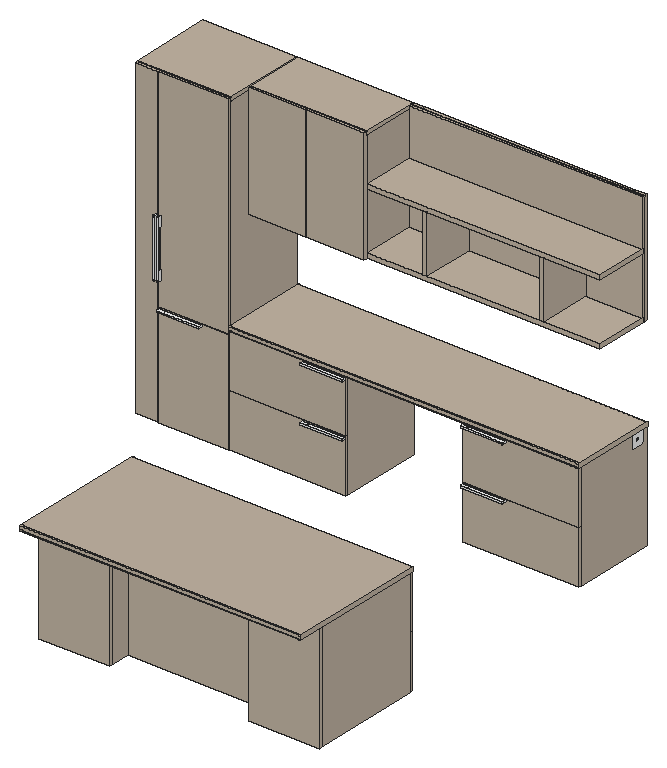
Revit family "FLT017", category Furniture, Revit 2019
Family settings
  OmniClass Number = 23.40.20.00
  OmniClass Title = General Furniture and Specialties
  Work Plane-Based = No
  Always vertical = Yes
  Cut with Voids When Loaded = No
  Shared = Yes
  Room Calculation Point = No
Parameters
  Series = "Flux Laminate"
  Manufacturer = "JSI"
  Description = "FLT017"
Reference planes (in)
  plane 1 "Center Front/Back": y = 0
  plane 2: z = 0
  plane 3 "Center Left/Right": x = 0
Dimensions and locks (in)
  aligned and locked: level to plane 2
Nested families (in)
  nested 1: "JSI-Flux- FF_Knspc_Crdnz" at (0.06413, 21.25, 0), type "FLT2290-29F4K4, Lt File Knspc Crdnz, Laminate"
    with Width 7' - 6"
  nested 2: "JSI-Flux-Dbl_Ht_Wall_Mount_OH_Shelf" at (29.93913, 21.25, 23.21755), type "FLT1560-29WMS, Dbl Ht Wall Mount OH Shelf, Laminate"
    with Width 5' - 0", Part Dist 1' - 2 7/16"
  nested 3: "JSI-Flux-Wall_Mount_Dbl_Ht_OH" at (0.06413, 21.25, 23.21796), type "FLT1630-29WSO, Wall Mount Dbl Ht OH, 2 Dr, Laminate"
    with Wiring Hole Dist 0' - 9", Width 2' - 5 7/8", Shelf Width_L 2' - 4 3/8", Shelf Width_R 2' - 4 3/8", Shelf Dist_R 0' - 0 3/4", Shelf Dist_C 0' - 0 3/4", R no, Partition-R no, Partition-L no, Partition Distance_R 0' - 0", Partition Distance_L 0' - 0", Door Width 1' - 2 7/8", Door Array Distance 1' - 3", Shelf Width_Central 2' - 4 3/8", # of Doors 2
  nested 4: "JSI-Flux-Wb_Pm_Ht" at (-24.03033, 21.18677, 0), type "FLT2224-81F7DWL, Strg Cab Dr, Wb, L, Laminate"
    with V_Pull_L_R yes, Top_Pull_Dist 0' - 6 5/16", Top_2_Pull_Dist 2' - 2 1/16", R_Vertical_Pull_Dist 0' - 6 5/16", L_Vertical_Pull_Dist 0' - 5 3/4", Hngr_R yes, Hngr_L no, Hanger_Dist 0' - 6 25/32", H_Void_Width 1' - 6", H_Void_Upper_Dist 0' - 2", H_Void_H_Dist 0' - 6 3/32", H_Void_C_Dist 0' - 2", H_Void_Bottom_Dist 0' - 2", H_Dist_V_Void 0' - 5 31/32", H_Dist_C_Panel 0' - 6", Top_Shelf_Width 1' - 4 1/2", Width 2' - 0 1/16", Partition Dist 0' - 6 1/32", L yes, H_Dist_Top_Shelf 0' - 6 25/32", H_Dist_Bottom_Shelf 0' - 0", F2 no, F1 no, F0 no, C_Shelf_Width 1' - 4 1/2", C_Pull_Dist 0' - 6 5/16", C_Pull no, Bottom_Pull_Dist 0' - 6 5/16", Bottom Pull no
  nested 5: "JSI-Flux-Dbl_Ped_Dsk-Brk_Frnt-Mod-Ovhg_Top" at (18.28955, -69.06149, 0) x (-1, 0, 0) z (0, 0, 1), type "FLT3672ED,Dbl Ped Desk Brk Mod,72" Laminate"
    with Width 6' - 0", Ped Width 1' - 6", Depth 3' - 0"
Definition of nested family "JSI-Flux- FF_Knspc_Crdnz"
  Parameters (values of type "Type Catalog - Lt File Knspc Crdnz")
    Worksurface = none
    Width = 8' - 0"
    URL = "www.jsifurniture.com"
    Type Comments = ""
    TAG = "FF"
    Split Worksurface = no
    Split Dist = if(Split Worksurface, 0' 0", 0' 4")  # 0' - 4"
    Pull Width = if(Width > 7' 0", 0' 10 27/32", 0' 8 27/32")  # 0' - 10 27/32"
    Partition Dist = if(Width > 7' 0", 2' 4 1/2", 1' 4 1/2")  # 2' - 4 1/2"
    Series = "FLUX"  # constant formula
    Pull Finish = none
    Model = ""
    Manufacturer = "JSI"  # constant formula
    Keynote = "12500"
    JSI Enviromental Website = "http://www.jsifurniture.com/jsi_sustainability_intro.php"
    Height = 2' - 5"
    Grommet Dist = if(Width > 7' 0", Partition Dist / 2, Partition Dist + 0' 4")  # 1' - 2 1/4"
    Glides = none
    Door Height = (Height - 0' 1 3/16" - 0' 0 5/16" - 0' 0 3/8") / 2  # 1' - 1 9/16"
    Back = none
    Door Front = none
    Description = ""
    Depth = 1' - 10"
    Chassis = none
    Assembly Code = "E2020200"
  Reference planes (in)
    plane 1: z = 0
    plane 2 "Center (Left/Right)": x = -36.06413
    plane 3 "Center (Front/Back)": y = 10.75
    plane 4: x = 59.93587
    plane 5: x = -36.00163
    plane 6: y = 10.6875
    plane 7: x = 59.87337
    plane 8: x = 11.93587
    plane 9: y = 10.625
    plane 10: y = -11.25
    plane 11: y = -11.125
    plane 12: y = -10.375
    plane 13: y = 9.875
    plane 14: y = 8.6875
    plane 15: y = 6.5
    plane 16: y = 6
    plane 17: y = 5.875
    plane 18: y = -6.375
    plane 19: y = -8.125
    plane 20: z = 0.3125
    plane 21: z = 1.5
    plane 22: z = 2.25
    plane 23: z = 29
    plane 24: z = 27.8125
    plane 25: z = 27.0625
    plane 26: z = 24.5625
    plane 27: z = 14.65625
    plane 28: z = 15.03125
    plane 29: z = 14.28125
    plane 30: x = -6.75163
    plane 31: x = 30.62337
    plane 32: x = -6.00163
    plane 33: x = 29.87337
    plane 34: x = -35.25163
    plane 35: x = 59.12337
    plane 36: y = 8.4375
    plane 37: z = 17.15625
    plane 38: y = 9.375
    plane 39: y = 6.875
    plane 40: z = 27.6875
    plane 41: z = 0.4375
    plane 42: x = -35.93913
    plane 43: x = 59.81087
    plane 44: x = -6.06413
    plane 45: x = -5.93913
    plane 46: x = 29.81087
    plane 47: x = 29.93587
    plane 48: z = 27.6875
    plane 49: z = 27.48438
    plane 50: z = 27.48437
    plane 51: y = -9.375
    plane 52: x = -34.25163
    plane 53: x = 58.12337
    plane 54: x = -21.00163
    plane 55: x = 11.93587
    plane 56: x = 44.87337
    plane 57: z = 22.8125
    plane 58: y = 9.1875
    plane 59: y = 8.5
    plane 60: y = 7
    plane 61: z = 23
    plane 62: z = 25
    plane 63: x = -7.75163
    plane 64: x = 31.62337
    plane 65: x = -24.00163
    plane 66: x = -18.00163
    plane 67: x = 41.87337
    plane 68: x = 47.87337
    plane 69: z = 26.21875
    plane 70: y = 7.59375
    plane 71: y = 7.84375
    plane 72: y = 7.34375
    plane 73: z = 14
    plane 74: z = 14.125
    plane 75: x = -6.22038
    plane 76: x = 30.09212
    plane 77: z = 13.79688
    plane 78: x = -21.00163
    plane 79: x = 44.87337
  Forms (in)
    Extrusion 1, solid
      sketch origin (0, 0, 0) x (0, 1, 0) y (0, 0, 1)
        loop
          line (6, 27.0625) -> (6, 27.8125) -> (-10.375, 27.8125) -> (-10.375, 27.0625) -> (6, 27.0625)
      from -35.25163 to -6.75163
    Extrusion 2, solid, material <- "Chassis"
      sketch origin (0, 0, 0) x (0, 1, 0) y (0, 0, 1)
        loop
          line (9.875, 2.25) -> (-10.375, 2.25) -> (-10.375, 1.5) -> (9.875, 1.5) -> (9.875, 2.25)
      from -35.25163 to -6.75163
    Extrusion 3, solid, material <- "Chassis"
      sketch origin (0, 0, 0) x (0, 1, 0) y (0, 0, 1)
        loop
          line (10.6875, 27.8125) -> (9.1875, 27.8125) -> (9.1875, 25.0625)
          arc (9.1875, 25.0625) -> (9.04105, 24.70895) -> (8.6875, 24.5625) r 0.5
          line (8.6875, 24.5625) -> (6.5, 24.5625)
          arc (6.5, 24.5625) -> (6.14645, 24.70895) -> (6, 25.0625) r 0.5
          line (6, 25.0625) -> (6, 27.8125) -> (-10.375, 27.8125) -> (-10.375, 0.3125) -> (10.6875, 0.3125) -> (10.6875, 27.8125)
      from -6.75163 to -6.00163
    Extrusion 4, solid, material <- "Chassis"
      sketch origin (0, 0, 0) x (0, 1, 0) y (0, 0, 1)
        loop
          line (10.6875, 27.8125) -> (9.1875, 27.8125) -> (9.1875, 25.0625)
          arc (9.1875, 25.0625) -> (9.04105, 24.70895) -> (8.6875, 24.5625) r 0.5
          line (8.6875, 24.5625) -> (6.5, 24.5625)
          arc (6.5, 24.5625) -> (6.14645, 24.70895) -> (6, 25.0625) r 0.5
          line (6, 25.0625) -> (6, 27.8125) -> (-10.375, 27.8125) -> (-10.375, 0.3125) -> (10.6875, 0.3125) -> (10.6875, 27.8125)
      from 29.87337 to 30.62337
    Extrusion 5, solid, material <- "Back"
      sketch origin (0, 0, 0) x (0, 1, 0) y (0, 0, 1)
        loop
          line (8.6875, 27.8125) -> (8.6875, 22.8125) -> (9.875, 22.8125) -> (9.875, 27.8125) -> (8.6875, 27.8125)
      from -35.25163 to 59.12337
    Extrusion 6, solid, material <- "Chassis"
      sketch origin (0, 0, 0) x (0, 1, 0) y (0, 0, 1)
        loop
          line (9.875, 1.5) -> (5.875, 1.5) -> (5.875, 0.3125) -> (9.875, 0.3125) -> (9.875, 1.5)
      from -35.25163 to -6.75163
    Extrusion 7, solid, material <- "Chassis"
      sketch origin (0, 0, 0) x (0, 1, 0) y (0, 0, 1)
        loop
          line (-6.375, 1.5) -> (-10.375, 1.5) -> (-10.375, 0.3125) -> (-6.375, 0.3125) -> (-6.375, 1.5)
      from -35.25163 to -6.75163
    Extrusion 8, solid, material <- "Worksurface"
      sketch origin (0, 0, 0) x (0, 1, 0) y (0, 0, 1)
        loop
          arc (10.75, 28.875) -> (10.71339, 28.96339) -> (10.625, 29) r 0.125
          line (10.625, 29) -> (-11.125, 29)
          arc (-11.125, 29) -> (-11.21339, 28.96339) -> (-11.25, 28.875) r 0.125
          line (-11.25, 28.875) -> (-11.25, 27.9375)
          arc (-11.25, 27.9375) -> (-11.21339, 27.84911) -> (-11.125, 27.8125) r 0.125
          line (-11.125, 27.8125) -> (10.625, 27.8125)
          arc (10.625, 27.8125) -> (10.71339, 27.84911) -> (10.75, 27.9375) r 0.125
          line (10.75, 27.9375) -> (10.75, 28.875)
      from -36.06413 to 59.93587
    Extrusion 9, solid, material <- "Glides"
      sketch origin (0, 0, 0) x (1, 0, 0) y (0, 1, 0)
        loop
          circle (-34.25163, 8.6875) r 0.5
      from 0 to 0.3125
    Extrusion 10, solid, material <- "Glides"
      sketch origin (0, 0, 0) x (1, 0, 0) y (0, 1, 0)
        loop
          circle (-34.25163, -9.375) r 0.5
      from 0 to 0.3125
    Extrusion 11, solid, material <- "Glides"
      sketch origin (0, 0, 0) x (1, 0, 0) y (0, 1, 0)
        loop
          circle (58.12337, 8.6875) r 0.5
      from 0 to 0.3125
    Extrusion 12, solid, material <- "Glides"
      sketch origin (0, 0, 0) x (1, 0, 0) y (0, 1, 0)
        loop
          circle (58.12337, -9.375) r 0.5
      from 0 to 0.3125
    Extrusion 13, solid, material <- "Glides"
      sketch origin (0, 0, 0) x (1, 0, 0) y (0, 1, 0)
        loop
          circle (-7.75163, 8.6875) r 0.5
      from 0 to 0.3125
    Extrusion 14, solid, material <- "Glides"
      sketch origin (0, 0, 0) x (1, 0, 0) y (0, 1, 0)
        loop
          circle (31.62337, 8.6875) r 0.5
      from 0 to 0.3125
    Extrusion 15, solid, material <- "Glides"
      sketch origin (0, 0, 0) x (1, 0, 0) y (0, 1, 0)
        loop
          circle (-7.75163, -9.375) r 0.5
      from 0 to 0.3125
    Extrusion 16, solid, material <- "Glides"
      sketch origin (0, 0, 0) x (1, 0, 0) y (0, 1, 0)
        loop
          circle (31.62337, -9.375) r 0.5
      from 0 to 0.3125
    Extrusion 17, solid, material <- "Back"
      sketch origin (0, 0, 0) x (1, 0, 0) y (0, 0, 1)
        loop
          line (-35.25163, 27.8125) -> (-35.25163, 0.3125) -> (-6.75163, 0.3125) -> (-6.75163, 27.8125) -> (-35.25163, 27.8125)
      from -10.625 to -9.875
    Extrusion 18, solid, material <- "Chassis"
      sketch origin (0, 0, 0) x (0, 1, 0) y (0, 0, 1)
        loop
          line (10.6875, 27.8125) -> (9.1875, 27.8125) -> (9.1875, 25.0625)
          arc (9.1875, 25.0625) -> (9.04105, 24.70895) -> (8.6875, 24.5625) r 0.5
          line (8.6875, 24.5625) -> (6.5, 24.5625)
          arc (6.5, 24.5625) -> (6.14645, 24.70895) -> (6, 25.0625) r 0.5
          line (6, 25.0625) -> (6, 27.8125) -> (-10.375, 27.8125) -> (-10.375, 0.3125) -> (10.6875, 0.3125) -> (10.6875, 27.8125)
      from -36.00163 to -35.25163
    Extrusion 19, solid, material <- "Chassis"
      sketch origin (0, 0, 0) x (0, 1, 0) y (0, 0, 1)
        loop
          line (10.6875, 27.8125) -> (9.1875, 27.8125) -> (9.1875, 25.0625)
          arc (9.1875, 25.0625) -> (9.04105, 24.70895) -> (8.6875, 24.5625) r 0.5
          line (8.6875, 24.5625) -> (6.5, 24.5625)
          arc (6.5, 24.5625) -> (6.14645, 24.70895) -> (6, 25.0625) r 0.5
          line (6, 25.0625) -> (6, 27.8125) -> (-10.375, 27.8125) -> (-10.375, 0.3125) -> (10.6875, 0.3125) -> (10.6875, 27.8125)
      from 59.12337 to 59.87337
    Extrusion 20, void
      sketch origin (0, 0, 0) x (1, 0, 0) y (0, 1, 0)
        loop
          line (59.93587, 8.5) -> (-36.06413, 8.5) -> (-36.06413, 7) -> (59.93587, 7) -> (59.93587, 8.5)
      from 23 to 25
    Extrusion 21, solid, material <- "Back"
      sketch origin (0, 0, 0) x (1, 0, 0) y (0, 0, 1)
        loop
          line (30.62337, 27.8125) -> (30.62337, 0.3125) -> (59.12337, 0.3125) -> (59.12337, 27.8125) -> (30.62337, 27.8125)
      from -10.625 to -9.875
    Extrusion 22, solid, material <- "Chassis"
      sketch origin (0, 0, 0) x (0, 1, 0) y (0, 0, 1)
        loop
          line (9.875, 2.25) -> (-10.375, 2.25) -> (-10.375, 1.5) -> (9.875, 1.5) -> (9.875, 2.25)
      from 30.62337 to 59.12337
    Extrusion 23, solid, material <- "Chassis"
      sketch origin (0, 0, 0) x (0, 1, 0) y (0, 0, 1)
        loop
          line (9.875, 1.5) -> (5.875, 1.5) -> (5.875, 0.3125) -> (9.875, 0.3125) -> (9.875, 1.5)
      from 30.62337 to 59.12337
    Extrusion 24, solid, material <- "Chassis"
      sketch origin (0, 0, 0) x (0, 1, 0) y (0, 0, 1)
        loop
          line (-6.375, 1.5) -> (-10.375, 1.5) -> (-10.375, 0.3125) -> (-6.375, 0.3125) -> (-6.375, 1.5)
      from 30.62337 to 59.12337
    Extrusion 25, void
      sketch origin (0, 0, 0) x (1, 0, 0) y (0, 0, 1)
        loop
          line (-23.00163, 14.65625) -> (-19.00163, 14.65625)
          arc (-19.00163, 14.65625) -> (-18.29453, 14.94914) -> (-18.00163, 15.65625) r 1
          line (-18.00163, 15.65625) -> (-18.00163, 16.15625)
          arc (-18.00163, 16.15625) -> (-18.29453, 16.86336) -> (-19.00163, 17.15625) r 1
          line (-19.00163, 17.15625) -> (-23.00163, 17.15625)
          arc (-23.00163, 17.15625) -> (-23.70874, 16.86336) -> (-24.00163, 16.15625) r 1
          line (-24.00163, 16.15625) -> (-24.00163, 15.65625)
          arc (-24.00163, 15.65625) -> (-23.70874, 14.94914) -> (-23.00163, 14.65625) r 1
      from -10.75 to -9.875
    Extrusion 26, solid, material <- "Pull Finish"
      sketch origin (0, 0, 0) x (0, 1, 0) y (0, 0, 1)
        loop
          arc (7.84375, 26.92586) -> (7.87949, 26.71752) -> (7.98264, 26.53302) r 0.625
          arc (7.98264, 26.53302) -> (7.59375, 25.71875) -> (7.20486, 26.53302) r 0.5
          arc (7.20486, 26.53302) -> (7.30801, 26.71752) -> (7.34375, 26.92586) r 0.625
          line (7.34375, 26.92586) -> (7.34375, 27.8125) -> (6, 27.8125) -> (6, 25.0625)
          arc (6, 25.0625) -> (6.14645, 24.70895) -> (6.5, 24.5625) r 0.5
          line (6.5, 24.5625) -> (8.6875, 24.5625)
          arc (8.6875, 24.5625) -> (9.04105, 24.70895) -> (9.1875, 25.0625) r 0.5
          line (9.1875, 25.0625) -> (9.1875, 27.8125) -> (7.84375, 27.8125) -> (7.84375, 26.92586)
      from 59.81087 to 59.87337
    Extrusion 27, solid, material <- "Door Front"
      sketch origin (0, 0, 0) x (1, 0, 0) y (0, 1, 0)
        loop
          line (-35.93913, -10.375) -> (-35.93913, -11.125) -> (-6.06413, -11.125) -> (-6.06413, -10.375) -> (-35.93913, -10.375)
      from 14.125 to 27.6875
    Extrusion 28, solid, material <- "Door Front"
      sketch origin (0, 0, 0) x (1, 0, 0) y (0, 1, 0)
        loop
          line (-35.93913, -10.375) -> (-35.93913, -11.125) -> (-6.06413, -11.125) -> (-6.06413, -10.375) -> (-35.93913, -10.375)
      from 0.4375 to 14
    Extrusion 29, solid, material <- "Door Front"
      sketch origin (0, 0, 0) x (1, 0, 0) y (0, 1, 0)
        loop
          line (29.93587, -10.375) -> (29.93587, -11.125) -> (59.81087, -11.125) -> (59.81087, -10.375) -> (29.93587, -10.375)
      from 14.125 to 27.6875
    Extrusion 30, solid, material <- "Door Front"
      sketch origin (0, 0, 0) x (1, 0, 0) y (0, 1, 0)
        loop
          line (29.93587, -10.375) -> (29.93587, -11.125) -> (59.81087, -11.125) -> (59.81087, -10.375) -> (29.93587, -10.375)
      from 0.4375 to 14
    Extrusion 31, void
      sketch origin (0, 0, 0) x (1, 0, 0) y (0, 0, 1)
        loop
          arc (42.87337, 17.15625) -> (42.16626, 16.86336) -> (41.87337, 16.15625) r 1
          line (41.87337, 16.15625) -> (41.87337, 15.65625)
          arc (41.87337, 15.65625) -> (42.16626, 14.94914) -> (42.87337, 14.65625) r 1
          line (42.87337, 14.65625) -> (46.87337, 14.65625)
          arc (46.87337, 14.65625) -> (47.58047, 14.94914) -> (47.87337, 15.65625) r 1
          line (47.87337, 15.65625) -> (47.87337, 16.15625)
          arc (47.87337, 16.15625) -> (47.58047, 16.86336) -> (46.87337, 17.15625) r 1
          line (46.87337, 17.15625) -> (42.87337, 17.15625)
      from -10.75 to -9.875
    Extrusion 32, solid, material <- "Pull Finish"
      sketch origin (0, 0, 0) x (0, 1, 0) y (0, 0, 1)
        loop
          arc (7.84375, 26.92586) -> (7.87949, 26.71752) -> (7.98264, 26.53302) r 0.625
          arc (7.98264, 26.53302) -> (7.59375, 25.71875) -> (7.20486, 26.53302) r 0.5
          arc (7.20486, 26.53302) -> (7.30801, 26.71752) -> (7.34375, 26.92586) r 0.625
          line (7.34375, 26.92586) -> (7.34375, 27.8125) -> (6, 27.8125) -> (6, 25.0625)
          arc (6, 25.0625) -> (6.14645, 24.70895) -> (6.5, 24.5625) r 0.5
          line (6.5, 24.5625) -> (8.6875, 24.5625)
          arc (8.6875, 24.5625) -> (9.04105, 24.70895) -> (9.1875, 25.0625) r 0.5
          line (9.1875, 25.0625) -> (9.1875, 27.8125) -> (7.84375, 27.8125) -> (7.84375, 26.92586)
      from -36.00163 to -35.93913
    Extrusion 33, solid, material <- "Worksurface", detail levels medium+fine
      sketch origin (0, 0, 0) x (0, 1, 0) y (0, 0, 1)
        loop
          line (6, 27.0625) -> (6, 27.8125) -> (-10.375, 27.8125) -> (-10.375, 27.0625) -> (6, 27.0625)
      from 30.62337 to 59.12337
  Cuts and joins
    Extrusion 20 cuts Extrusion 8
    Extrusion 25 cuts Extrusion 17
    Extrusion 31 cuts Extrusion 21
  Lines and regions (in)
    symbolic lines
      curve 1: line (59.93587, 10.75, 0) -> (-36.06413, 10.75, 0)
      curve 2: line (59.93587, -11.25, 0) -> (-36.06413, -11.25, 0)
      curve 3: line (59.93587, 10.75, 0) -> (59.93587, -11.25, 0)
      curve 4: line (-36.06413, 10.75, 0) -> (-36.06413, -11.25, 0)
    symbolic lines, visible <- "Split Worksurface"
      curve 5: line (59.93587, 8.5, 0) -> (-36.06413, 8.5, 0)
      curve 6: line (59.93587, 7, 0) -> (-36.06413, 7, 0)
    symbolic lines, detail levels medium+fine
      curve 7: line (-36.00163, 10.6875, 0) -> (-36.00163, -10.375, 0)
      curve 8: line (-35.25163, 10.6875, 0) -> (-35.25163, -10.375, 0)
      curve 9: line (-35.25163, 10.6875, 0) -> (-36.00163, 10.6875, 0)
      curve 10: line (-35.25163, -10.375, 0) -> (-36.00163, -10.375, 0)
      curve 11: line (-6.75163, 10.6875, 0) -> (-6.75163, -10.375, 0)
      curve 12: line (-6.00163, 10.6875, 0) -> (-6.00163, -10.375, 0)
      curve 13: line (-6.00163, 10.6875, 0) -> (-6.75163, 10.6875, 0)
      curve 14: line (-6.00163, -10.375, 0) -> (-6.75163, -10.375, 0)
      curve 15: line (29.87337, 10.6875, 0) -> (29.87337, -10.375, 0)
      curve 16: line (30.62337, 10.6875, 0) -> (30.62337, -10.375, 0)
      curve 17: line (30.62337, 10.6875, 0) -> (29.87337, 10.6875, 0)
      curve 18: line (30.62337, -10.375, 0) -> (29.87337, -10.375, 0)
      curve 19: line (59.12337, 10.6875, 0) -> (59.12337, -10.375, 0)
      curve 20: line (59.87337, 10.6875, 0) -> (59.87337, -10.375, 0)
      curve 21: line (59.87337, 10.6875, 0) -> (59.12337, 10.6875, 0)
      curve 22: line (59.87337, -10.375, 0) -> (59.12337, -10.375, 0)
      curve 23: line (-6.75163, 10.625, 0) -> (-35.25163, 10.625, 0)
      curve 24: line (-6.75163, 9.875, 0) -> (-35.25163, 9.875, 0)
      curve 25: line (59.12337, 10.625, 0) -> (30.62337, 10.625, 0)
      curve 26: line (59.12337, 9.875, 0) -> (30.62337, 9.875, 0)
      curve 27: line (-6.00163, 10.625, 0) -> (29.87337, 10.625, 0)
      curve 28: line (-6.00163, 9.875, 0) -> (29.87337, 9.875, 0)
  Dimensions and locks (in)
    plane 2 "Center (Left/Right)" to plane 5 to plane 42 = 0' - 0 1/16" locked, 0' - 0 1/16" locked
    plane 43 to plane 7 to plane 4 = 0' - 0 1/16" locked, 0' - 0 1/16" locked
    "Width": plane 2 "Center (Left/Right)" to plane 4
    equal spacing: plane 2 "Center (Left/Right)", plane 8, plane 4
    plane 14 to plane 13 to plane 9 to plane 6 to plane 3 "Center (Front/Back)" = 0' - 1 3/16" locked, 0' - 0 3/4" locked, 0' - 0 1/16" locked, 0' - 0 1/16" locked
    "Depth": plane 10 to plane 3 "Center (Front/Back)"
    plane 10 to plane 11 to plane 12 = 0' - 0 1/8" locked, 0' - 0 3/4" locked
    plane 16 to plane 15 to plane 13 = 0' - 0 1/2" locked, 0' - 3 3/8" locked
    locked: plane 17 to plane 13 at 4
    locked: plane 12 to plane 18 at 4
    locked: plane 12 to plane 19 at 2.25
    "Height": plane 23 to plane 1
    locked: plane 23 to plane 24 at 1.1875
    plane 21 to plane 20 to plane 1 = 0' - 1 3/16" locked, 0' - 0 5/16" locked
    plane 24 to plane 25 to plane 26 = 0' - 0 3/4" locked, 0' - 2 1/2" locked
    locked: plane 22 to plane 21 at 0.75
    plane 28 to plane 27 to plane 29 = 0' - 0 3/8" locked, 0' - 0 3/8" locked
    plane 63 to plane 30 to plane 32 = 0' - 1" locked, 0' - 0 3/4" locked
    plane 33 to plane 31 to plane 64 = 0' - 0 3/4" locked, 0' - 1" locked
    plane 5 to plane 34 to plane 52 = 0' - 0 3/4" locked, 0' - 1" locked
    plane 53 to plane 35 to plane 7 = 0' - 1" locked, 0' - 0 3/4" locked
    locked: plane 36 to plane 13 at 1.4375
    equal spacing: plane 25, plane 27, plane 22
    locked: plane 37 to plane 27 at 2.5
    plane 39 to plane 38 to plane 13 = 0' - 2 1/2" locked, 0' - 0 1/2" locked
    locked: plane 41 to plane 20 at 0.125
    locked: plane 24 to plane 40 at 0.125
    plane 44 to plane 32 to plane 45 = 0' - 0 1/16" locked, 0' - 0 1/16" locked
    plane 46 to plane 33 to plane 47 = 0' - 0 1/16" locked, 0' - 0 1/16" locked
    "Partition Dist": plane 34 to plane 30
    "Partition Dist": plane 31 to plane 35
    plane 48 to plane 1 = 2' - 3 11/16"
    locked: plane 40 to plane 49 at 0.20313
    locked: plane 48 to plane 50 at 0.20312
    locked: plane 12 to plane 51 at 1
    locked: plane 24 to plane 57 at 5
    locked: plane 58 to plane 13 at 0.6875
    plane 60 to plane 59 to plane 3 "Center (Front/Back)" = 0' - 1 1/2" locked, 0' - 2 1/4" locked
    locked: plane 62 to plane 61 at 2
    "Split Dist": plane 23 to plane 62
    locked: plane 65 to plane 66 at 6
    locked: plane 67 to plane 68 at 6
    locked: plane 65 to plane 54 at 3
    locked: plane 67 to plane 56 at 3
    "Grommet Dist": plane 34 to plane 54
    "Grommet Dist": plane 56 to plane 35
    locked: plane 24 to plane 69 at 1.59375
    equal spacing: plane 16, plane 70, plane 58
    plane 72 to plane 70 to plane 71 = 0' - 0 1/4" locked, 0' - 0 1/4" locked
    "Door Height": plane 73 to plane 41
    "Door Height": plane 48 to plane 74
    locked: plane 75 to plane 32 at 0.21875
    locked: plane 33 to plane 76 at 0.21875
    locked: plane 73 to plane 77 at 0.20312
    equal spacing: plane 34, plane 78, plane 30
    equal spacing: plane 31, plane 79, plane 35
    radius of Extrusion 9 sketch curve = 0' - 0 1/2"
    radius of Extrusion 10 sketch curve = 0' - 0 1/2"
    radius of Extrusion 11 sketch curve = 0' - 0 1/2"
    radius of Extrusion 12 sketch curve = 0' - 0 1/2"
    radius of Extrusion 13 sketch curve = 0' - 0 1/2"
    radius of Extrusion 15 sketch curve = 0' - 0 1/2"
    radius of Extrusion 14 sketch curve = 0' - 0 1/2"
    radius of Extrusion 16 sketch curve = 0' - 0 1/2"
    aligned and locked: level to plane 1
    aligned and locked: plane 25 to Extrusion 1 sketch curve
    aligned and locked: plane 24 to Extrusion 1 sketch curve
    aligned and locked: plane 16 to Extrusion 1 sketch curve
    aligned and locked: plane 12 to Extrusion 1 sketch curve
    aligned and locked: Extrusion 1 to plane 34
    aligned and locked: plane 22 to Extrusion 2 sketch curve
    aligned and locked: plane 21 to Extrusion 2 sketch curve
    aligned and locked: plane 13 to Extrusion 2 sketch curve
    aligned and locked: plane 12 to Extrusion 2 sketch curve
    aligned and locked: Extrusion 2 to plane 34
    aligned and locked: plane 12 to Extrusion 3 sketch curve
    aligned and locked: Extrusion 3 to plane 30
    aligned and locked: plane 32 to Extrusion 3
    aligned and locked: plane 12 to Extrusion 4 sketch curve
    aligned and locked: plane 31 to Extrusion 4
    aligned and locked: Extrusion 4 to plane 33
    aligned and locked: plane 14 to Extrusion 5 sketch curve
    aligned and locked: plane 13 to Extrusion 5 sketch curve
    aligned and locked: plane 24 to Extrusion 5 sketch curve
    aligned and locked: Extrusion 5 to plane 34
    aligned and locked: plane 35 to Extrusion 5
    aligned and locked: plane 13 to Extrusion 6 sketch curve
    aligned and locked: plane 17 to Extrusion 6 sketch curve
    aligned and locked: plane 20 to Extrusion 6 sketch curve
    aligned and locked: plane 21 to Extrusion 6 sketch curve
    aligned and locked: plane 18 to Extrusion 7 sketch curve
    aligned and locked: plane 12 to Extrusion 7 sketch curve
    aligned and locked: plane 21 to Extrusion 7 sketch curve
    aligned and locked: plane 20 to Extrusion 7 sketch curve
    aligned and locked: Extrusion 6 to plane 34
    aligned and locked: Extrusion 7 to plane 34
    aligned and locked: plane 50 to nested 1
    aligned and locked: plane 50 to nested 2
    aligned and locked: plane 11 to nested 1  (x2)
    aligned and locked: plane 11 to nested 2  (x2)
    aligned and locked: nested 1 to plane 11
    aligned and locked: plane 3 "Center (Front/Back)" to Extrusion 8 sketch curve
    aligned and locked: plane 23 to Extrusion 8 sketch curve
    aligned and locked: plane 24 to Extrusion 8 sketch curve
    aligned and locked: plane 10 to Extrusion 8 sketch curve
    aligned and locked: Extrusion 8 to plane 2 "Center (Left/Right)"
    aligned and locked: plane 4 to Extrusion 8
    aligned and locked: Extrusion 9 to plane 1
    aligned and locked: Extrusion 10 to plane 1
    aligned and locked: plane 20 to Extrusion 10
    aligned and locked: plane 20 to Extrusion 9
    aligned and locked: Extrusion 13 to plane 1
    aligned and locked: Extrusion 15 to plane 1
    aligned and locked: Extrusion 14 to plane 1
    aligned and locked: Extrusion 16 to plane 1
    aligned and locked: plane 1 to Extrusion 11
    aligned and locked: plane 1 to Extrusion 12
    aligned and locked: plane 20 to Extrusion 12
    aligned and locked: plane 20 to Extrusion 11
    aligned and locked: plane 20 to Extrusion 16
    aligned and locked: plane 20 to Extrusion 14
    aligned and locked: plane 20 to Extrusion 13
    aligned and locked: plane 20 to Extrusion 15
    aligned and locked: Extrusion 17 sketch curve to plane 24
    aligned and locked: Extrusion 17 sketch curve to plane 34
    aligned and locked: Extrusion 17 sketch curve to plane 20
    aligned and locked: Extrusion 17 to plane 9
    aligned and locked: plane 13 to Extrusion 17
    aligned and locked: plane 10 to nested 3
    aligned and locked: curve 1 to plane 3 "Center (Front/Back)"
    aligned and locked: curve 2 to plane 10
    aligned and locked: curve 3 to plane 4
    aligned and locked: plane 55 to plane 8
    aligned and locked: Extrusion 5 sketch curve to plane 57
    aligned and locked: plane 58 to Extrusion 3 sketch curve
    aligned and locked: plane 16 to Extrusion 3 sketch curve
    aligned and locked: plane 26 to Extrusion 3 sketch curve
    aligned and locked: plane 58 to Extrusion 4 sketch curve
    aligned and locked: plane 16 to Extrusion 4 sketch curve
    aligned and locked: plane 26 to Extrusion 4 sketch curve
    aligned and locked: plane 6 to Extrusion 18 sketch curve
    aligned and locked: plane 24 to Extrusion 18 sketch curve
    aligned and locked: plane 12 to Extrusion 18 sketch curve
    aligned and locked: plane 20 to Extrusion 18 sketch curve
    aligned and locked: plane 58 to Extrusion 18 sketch curve
    aligned and locked: plane 16 to Extrusion 18 sketch curve
    aligned and locked: plane 26 to Extrusion 18 sketch curve
    aligned and locked: Extrusion 18 to plane 5
    aligned and locked: plane 34 to Extrusion 18
    aligned and locked: plane 6 to Extrusion 19 sketch curve
    aligned and locked: plane 24 to Extrusion 19 sketch curve
    aligned and locked: plane 12 to Extrusion 19 sketch curve
    aligned and locked: plane 20 to Extrusion 19 sketch curve
    aligned and locked: plane 58 to Extrusion 19 sketch curve
    aligned and locked: plane 16 to Extrusion 19 sketch curve
    aligned and locked: plane 26 to Extrusion 19 sketch curve
    aligned and locked: plane 7 to Extrusion 19
    aligned and locked: Extrusion 19 to plane 35
    aligned and locked: Extrusion 3 sketch curve to plane 24  (x2)
    aligned and locked: Extrusion 4 sketch curve to plane 24  (x2)
    aligned and locked: Extrusion 20 sketch curve to plane 59
    aligned and locked: Extrusion 20 sketch curve to plane 60
    aligned and locked: Extrusion 20 sketch curve to plane 2 "Center (Left/Right)"
    aligned and locked: Extrusion 20 sketch curve to plane 4
    aligned and locked: plane 62 to Extrusion 20
    aligned and locked: Extrusion 20 to plane 61
    aligned and locked: Extrusion 17 sketch curve to plane 30
    aligned and locked: Extrusion 3 sketch curve to plane 6
    aligned and locked: Extrusion 21 sketch curve to plane 31
    aligned and locked: Extrusion 21 sketch curve to plane 24
    aligned and locked: Extrusion 21 sketch curve to plane 35
    aligned and locked: Extrusion 21 sketch curve to plane 20
    aligned and locked: Extrusion 21 to plane 9
    aligned and locked: plane 13 to Extrusion 21
    aligned and locked: Extrusion 4 sketch curve to plane 6
    aligned and locked: Extrusion 3 sketch curve to plane 20
    aligned and locked: Extrusion 4 sketch curve to plane 20
    aligned and locked: plane 30 to Extrusion 2
    aligned and locked: plane 13 to Extrusion 22 sketch curve
    aligned and locked: plane 12 to Extrusion 22 sketch curve
    aligned and locked: plane 22 to Extrusion 22 sketch curve
    aligned and locked: plane 21 to Extrusion 22 sketch curve
    aligned and locked: plane 35 to Extrusion 22
    aligned and locked: Extrusion 22 to plane 31
    aligned and locked: plane 30 to Extrusion 6
    aligned and locked: plane 30 to Extrusion 7
    aligned and locked: plane 13 to Extrusion 23 sketch curve
    aligned and locked: plane 17 to Extrusion 23 sketch curve
    aligned and locked: plane 21 to Extrusion 23 sketch curve
    aligned and locked: plane 20 to Extrusion 23 sketch curve
    aligned and locked: plane 18 to Extrusion 24 sketch curve
    aligned and locked: plane 12 to Extrusion 24 sketch curve
    aligned and locked: plane 20 to Extrusion 24 sketch curve
    aligned and locked: plane 21 to Extrusion 24 sketch curve
    aligned and locked: plane 35 to Extrusion 24
    aligned and locked: plane 35 to Extrusion 23
    aligned and locked: Extrusion 24 to plane 31
    aligned and locked: Extrusion 23 to plane 31
    aligned and locked: Extrusion 25 sketch curve to plane 27
    aligned and locked: Extrusion 25 sketch curve to plane 37
    aligned and locked: Extrusion 25 sketch curve to plane 65
    aligned and locked: Extrusion 25 sketch curve to plane 66
    aligned and locked: Extrusion 25 to plane 3 "Center (Front/Back)"
    aligned and locked: plane 13 to Extrusion 25
    aligned and locked: plane 7 to Extrusion 26
    aligned and locked: Extrusion 26 to plane 43
    aligned and locked: Extrusion 27 sketch curve to plane 42
    aligned and locked: Extrusion 27 sketch curve to plane 12
    aligned and locked: Extrusion 27 sketch curve to plane 11
    aligned and locked: Extrusion 27 sketch curve to plane 44
    aligned and locked: Extrusion 27 to plane 74
    aligned and locked: Extrusion 28 sketch curve to plane 42
    aligned and locked: Extrusion 28 sketch curve to plane 11
    aligned and locked: Extrusion 28 sketch curve to plane 12
    aligned and locked: Extrusion 28 sketch curve to plane 44
    aligned and locked: plane 73 to Extrusion 28
    aligned and locked: Extrusion 28 to plane 41
    aligned and locked: Extrusion 29 sketch curve to plane 47
    aligned and locked: Extrusion 29 sketch curve to plane 11
    aligned and locked: Extrusion 29 sketch curve to plane 43
    aligned and locked: Extrusion 29 sketch curve to plane 12
    aligned and locked: plane 48 to Extrusion 29
    aligned and locked: Extrusion 29 to plane 74
    aligned and locked: Extrusion 30 sketch curve to plane 47
    aligned and locked: Extrusion 30 sketch curve to plane 11
    aligned and locked: Extrusion 30 sketch curve to plane 43
    aligned and locked: Extrusion 30 sketch curve to plane 12
    aligned and locked: plane 73 to Extrusion 30
    aligned and locked: Extrusion 30 to plane 41
    aligned and locked: nested 2 to plane 76
    aligned and locked: plane 75 to nested 1
    aligned and locked: plane 75 to nested 4
    aligned and locked: plane 77 to nested 4
    aligned and locked: nested 5 to plane 76
    aligned and locked: plane 77 to nested 5
    aligned and locked: nested 2 to plane 11  (x2)
    aligned and locked: plane 11 to nested 4
    aligned and locked: plane 11 to nested 5
    aligned and locked: nested 5 to plane 11
    aligned and locked: Extrusion 31 sketch curve to plane 37
    aligned and locked: Extrusion 31 sketch curve to plane 27
    aligned and locked: Extrusion 31 sketch curve to plane 67
    aligned and locked: Extrusion 31 sketch curve to plane 68
    aligned and locked: Extrusion 31 to plane 3 "Center (Front/Back)"
    aligned and locked: plane 13 to Extrusion 31
    aligned and locked: Extrusion 32 sketch curve to Extrusion 26  (x9)
    aligned and locked: Extrusion 32 to plane 5
    aligned and locked: plane 42 to Extrusion 32
    aligned and locked: plane 4 to curve 5
    aligned and locked: plane 2 "Center (Left/Right)" to curve 6
    aligned and locked: plane 2 "Center (Left/Right)" to curve 5
    aligned and locked: plane 30 to Extrusion 1
    aligned and locked: plane 25 to Extrusion 33 sketch curve
    aligned and locked: plane 24 to Extrusion 33 sketch curve
    aligned and locked: plane 12 to Extrusion 33 sketch curve
    aligned and locked: plane 16 to Extrusion 33 sketch curve
    aligned and locked: plane 35 to Extrusion 33
    aligned and locked: Extrusion 33 to plane 31
    aligned and locked: plane 78 to nested 3
    aligned and locked: plane 79 to nested 6
    aligned and locked: plane 10 to nested 6
    aligned and locked: curve 7 to plane 5
    aligned and locked: curve 8 to plane 34
    aligned and locked: curve 9 to plane 6
    aligned and locked: curve 10 to plane 12
    aligned and locked: curve 11 to plane 30
    aligned and locked: curve 12 to plane 32
    aligned and locked: curve 13 to plane 6
    aligned and locked: curve 14 to plane 12
    aligned and locked: curve 15 to plane 33
    aligned and locked: curve 16 to plane 31
    aligned and locked: curve 17 to plane 6
    aligned and locked: curve 18 to plane 12
    aligned and locked: curve 19 to plane 35
    aligned and locked: curve 20 to plane 7
    aligned and locked: curve 21 to plane 6
    aligned and locked: curve 22 to plane 12
    aligned and locked: plane 34 to curve 23
    aligned and locked: plane 30 to curve 23
    aligned and locked: plane 30 to curve 24
    aligned and locked: plane 31 to curve 25
    aligned and locked: plane 31 to curve 26
    aligned and locked: plane 35 to curve 25
    aligned and locked: plane 35 to curve 26
    aligned and locked: plane 32 to curve 27
    aligned and locked: plane 32 to curve 28
    aligned and locked: plane 33 to curve 27
    aligned and locked: plane 33 to curve 28
    aligned and locked: plane 13 to curve 28
    aligned and locked: plane 9 to curve 27
  Automatic sketch dimensions
    plane 14 to Extrusion 9 sketch curve = 0' - 0"
    Extrusion 9 sketch curve to plane 52 = 0' - 0"
    plane 51 to Extrusion 10 sketch curve = 0' - 0"
    Extrusion 10 sketch curve to plane 52 = 0' - 0"
    plane 14 to Extrusion 11 sketch curve = 0' - 0"
    Extrusion 11 sketch curve to plane 53 = 0' - 0"
    plane 51 to Extrusion 12 sketch curve = 0' - 0"
    Extrusion 12 sketch curve to plane 53 = 0' - 0"
    Extrusion 8 sketch curve to plane 11 = 0' - 0"  (x2)
    Extrusion 8 sketch curve to plane 9 = 0' - 0"  (x2)
    Extrusion 3 sketch curve to plane 15 = 0' - 0"
    Extrusion 3 sketch curve to plane 14 = 0' - 0"
    Extrusion 4 sketch curve to plane 15 = 0' - 0"
    Extrusion 4 sketch curve to plane 14 = 0' - 0"
    Extrusion 18 sketch curve to plane 15 = 0' - 0"
    Extrusion 18 sketch curve to plane 14 = 0' - 0"
    Extrusion 18 sketch curve to plane 24 = 0' - 0"
    Extrusion 19 sketch curve to plane 15 = 0' - 0"
    Extrusion 19 sketch curve to plane 14 = 0' - 0"
    Extrusion 19 sketch curve to plane 24 = 0' - 0"  (x2)
    plane 14 to Extrusion 13 sketch curve = 0' - 0"
    Extrusion 13 sketch curve to plane 63 = 0' - 0"
    plane 51 to Extrusion 15 sketch curve = 0' - 0"
    Extrusion 15 sketch curve to plane 63 = 0' - 0"
    plane 14 to Extrusion 14 sketch curve = 0' - 0"
    Extrusion 14 sketch curve to plane 64 = 0' - 0"
    plane 51 to Extrusion 16 sketch curve = 0' - 0"
    Extrusion 16 sketch curve to plane 64 = 0' - 0"
    plane 28 to Extrusion 25 sketch curve = 0' - 0 5/8"
    plane 65 to Extrusion 25 sketch curve = 0' - 1"
    Extrusion 25 sketch curve to plane 66 = 0' - 1"
    Extrusion 25 sketch curve to Extrusion 25 sketch curve = 0' - 0"
    Extrusion 26 sketch curve to plane 16 = 0' - 0"
    Extrusion 26 sketch curve to plane 24 = 0' - 0"  (x2)
    Extrusion 26 sketch curve to plane 72 = 0' - 0"
    Extrusion 26 sketch curve to plane 69 = 0' - 0"
    Extrusion 26 sketch curve to plane 70 = 0' - 0"
    Extrusion 26 sketch curve to plane 71 = 0' - 0"
    Extrusion 26 sketch curve to plane 14 = 0' - 0"
    Extrusion 26 sketch curve to plane 26 = 0' - 0"
    Extrusion 26 sketch curve to plane 25 = 0' - 0.13664"  (x2)
    plane 28 to Extrusion 31 sketch curve = 0' - 0 5/8"
    Extrusion 31 sketch curve to Extrusion 31 sketch curve = 0' - 0"
    Extrusion 31 sketch curve to plane 68 = 0' - 1"  (x2)
    plane 12 to curve 16 = 0' - 0"
    plane 12 to curve 12 = 0' - 0"
    plane 60 to curve 6 = 0' - 0"
    plane 59 to curve 5 = 0' - 0"
    plane 13 to curve 26 = 0' - 0"
    plane 13 to curve 24 = 0' - 0"
    plane 9 to curve 25 = 0' - 0"
    plane 9 to curve 23 = 0' - 0"
  Nested families (in)
    nested 1: "Bar Pull C" at (-14.88439, -11.125, 27.48437), Pull Finish <- "Pull Finish", type "PL"
      with Pull Finish none, Stud 0' - 1.54911", Pull Width 0' - 10 27/32"
    nested 2: "Bar Pull C" at (32.27186, -11.125, 27.48437), Pull Finish <- "Pull Finish", type "PL"
      with Pull Finish none, Stud 0' - 1.54911", Pull Width 0' - 10 27/32"
    nested 3: "Label 1-16" at (-21.00163, -11.25, 0), type "DRWCFG"
    nested 4: "Bar Pull C" at (-14.88439, -11.125, 13.79688), Pull Finish <- "Pull Finish", type "PL"
      with Pull Finish none, Stud 0' - 1.54911", Pull Width 0' - 10 27/32"
    nested 5: "Bar Pull C" at (32.27186, -11.125, 13.79688), Pull Finish <- "Pull Finish", type "PL"
      with Pull Finish none, Stud 0' - 1.54911", Pull Width 0' - 10 27/32"
    nested 6: "Label 1-16" at (44.87337, -11.25, 0), type "DRWCFG"
  Definition of nested family "Bar Pull C"
    Parameters
      Stud = Pull Width / 7  # 0' - 1.26339"
      Pull Width = 0' - 8 27/32"
      Pull Line [instance] = yes
      Pull Finish [instance] = none
    Reference planes (in)
      plane 1 "Center Front/Back": y = 0
      plane 2: z = 0
      plane 3 "Center Left/Right": x = 3.24213
      plane 4: y = -0.125
    Forms (in)
      Extrusion 1, solid, material <- "Pull Finish"
        sketch origin (0, 0, 0) x (1, 0, 0) y (0, 1, 0)
          loop
            line (-1.17975, 0) -> (-1.17975, -0.85113)
            arc (-1.17975, -0.85113) -> (-1.15229, -0.91742) -> (-1.086, -0.94488) r 0.09375
            line (-1.086, -0.94488) -> (7.58526, -0.94488)
            arc (7.58526, -0.94488) -> (7.64094, -0.92182) -> (7.664, -0.86614) r 0.07874
            line (7.664, -0.86614) -> (7.664, 0) -> (6.40061, 0) -> (6.40061, -0.70177)
            arc (6.40061, -0.70177) -> (6.364, -0.79016) -> (6.27561, -0.82677) r 0.125
            line (6.27561, -0.82677) -> (0.20864, -0.82677)
            arc (0.20864, -0.82677) -> (0.12026, -0.79016) -> (0.08364, -0.70177) r 0.125
            line (0.08364, -0.70177) -> (0.08364, 0) -> (-1.17975, 0)
        from -0.43307 to -0.11811
      Extrusion 2, solid, material <- "Pull Finish"
        sketch origin (0, 0, 0) x (1, 0, 0) y (0, 1, 0)
          loop
            line (-1.17975, 0) -> (-1.17975, -0.85113)
            arc (-1.17975, -0.85113) -> (-1.15229, -0.91742) -> (-1.086, -0.94488) r 0.09375
            line (-1.086, -0.94488) -> (7.58526, -0.94488)
            arc (7.58526, -0.94488) -> (7.64094, -0.92182) -> (7.664, -0.86614) r 0.07874
            line (7.664, -0.86614) -> (7.664, 0) -> (-1.17975, 0)
        from 0 to -0.11811
    Cuts and joins
      joined: Extrusion 1, Extrusion 2
    Lines and regions (in)
      symbolic lines, visible <- "Pull Line"
        curve 1: line (-1.17975, -0.125, 0) -> (-1.17975, -0.85113, 0)
        curve 2: line (7.664, -0.86614, 0) -> (7.664, -0.125, 0)
        curve 3: line (-1.086, -0.94488, 0) -> (7.58526, -0.94488, 0)
        curve 4: arc (-1.17975, -0.85113, 0) -> (-1.15229, -0.91742, 0) -> (-1.086, -0.94488, 0) r 0.09375
        curve 5: arc (7.58526, -0.94488, 0) -> (7.64094, -0.92182, 0) -> (7.664, -0.86614, 0) r 0.07874
    Dimensions and locks (in)
      equal spacing: Extrusion 1 sketch curve, plane 3 "Center Left/Right", Extrusion 1 sketch curve
      "Stud": Extrusion 1 sketch curve to Extrusion 1 sketch curve  (x2)
      "Pull Width": Extrusion 1 sketch curve to Extrusion 1 sketch curve
      locked: plane 4 to plane 1 "Center Front/Back" at 0.125
      aligned and locked: level to plane 2
      aligned and locked: Extrusion 2 sketch curve to Extrusion 1  (x2)
      aligned and locked: cut or joined group of Extrusion 1, Extrusion 2 to curve 1
      aligned and locked: curve 4 to cut or joined group of Extrusion 1, Extrusion 2
      aligned and locked: curve 5 to cut or joined group of Extrusion 1, Extrusion 2
      aligned and locked: plane 4 to curve 1
      aligned and locked: plane 4 to curve 2
    Automatic sketch dimensions
      plane 1 "Center Front/Back" to Extrusion 2 sketch curve = 0' - 0"
      plane 1 "Center Front/Back" to Extrusion 1 sketch curve = 0' - 0"  (x2)
      Extrusion 1 sketch curve to Extrusion 1 sketch curve = 0' - 0 3/32"
      Extrusion 1 sketch curve to Extrusion 1 sketch curve = 0' - 0 1/8"  (x2)
      Extrusion 1 sketch curve to Extrusion 1 sketch curve = 0' - 0.07874"
      plane 4 to Extrusion 1 sketch curve = 0' - 0.57677"
      plane 4 to Extrusion 1 sketch curve = 0' - 0.72613"
  Definition of nested family "Label 1-16"
    Parameters
      Model Name = "LOW DOOR"
    Reference planes (in)
      plane 1: y = 0
      plane 2: x = 0
    Text (in)
      label "XX" at (0.00051, -0.12324, 0), shows "Model Name"
Definition of nested family "JSI-Flux-Dbl_Ht_Wall_Mount_OH_Shelf"
  Parameters (values of type "Type Catalog - Dbl Ht Wall Mount OH Shelf")
    Width = 8' - 0"
    URL = "www.jsifurniture.com"
    Type Comments = ""
    TAG = "Open"
    Shelf = none
    Series = "FLUX"  # constant formula
    Part Dist = if(Width > 3' 0", ((Width - 0' 2 1/4") / 4), ((Width / 2) - 0' 0 9/16"))  # 1' - 11 7/16"
    OH Elevation = 2' - 5"
    Model = ""
    Manufacturer = "JSI"  # constant formula
    Keynote = "12500"
    JSI Enviromental Website = "http://www.jsifurniture.com/jsi_sustainability_intro.php"
    Height = 2' - 5"
    Back Panel = none
    Description = ""
    Depth = 1' - 3 1/32"
    Chassis = none
    Assembly Code = "E2020200"
  Reference planes (in)
    plane 1: z = 0
    plane 2 "Center (Left/Right)": x = -36.06413
    plane 3 "Center (Front/Back)": y = 10.75
    plane 4: y = 10
    plane 5: y = 9.25
    plane 6: y = -4.28125
    plane 7: x = 59.93587
    plane 8: x = 11.93587
    plane 9: z = 29
    plane 10: z = 58
    plane 11: z = 30.125
    plane 12: z = 44.875
    plane 13: z = 46
    plane 14: y = -4.25
    plane 15: x = -33.06413
    plane 16: x = 56.93587
    plane 17: z = 55
    plane 18: z = 32
    plane 19: x = -12.62663
    plane 20: x = -11.50163
    plane 21: x = 36.49837
    plane 22: x = 35.37337
  Forms (in)
    Extrusion 1, solid, material <- "Back Panel"
      sketch origin (0, 0, 0) x (1, 0, 0) y (0, 1, 0)
        loop
          line (59.93587, 9.25) -> (59.93587, 10) -> (-36.06413, 10) -> (-36.06413, 9.25) -> (59.93587, 9.25)
      from 29 to 58
    Extrusion 2, solid, material <- "Chassis"
      sketch origin (0, 0, 0) x (1, 0, 0) y (0, 1, 0)
        loop
          line (-33.06413, 10.75) -> (-36.06413, 10.75) -> (-36.06413, 10) -> (-33.06413, 10) -> (-33.06413, 10.75)
      from 29 to 58
    Extrusion 3, solid, material <- "Chassis"
      sketch origin (0, 0, 0) x (1, 0, 0) y (0, 1, 0)
        loop
          line (59.93587, 10.75) -> (56.93587, 10.75) -> (56.93587, 10) -> (59.93587, 10) -> (59.93587, 10.75)
      from 29 to 58
    Extrusion 4, solid, material <- "Back Panel"
      sketch origin (0, 0, 0) x (0, 1, 0) y (0, 0, 1)
        loop
          line (10.75, 58) -> (10, 58) -> (10, 55) -> (10.75, 55) -> (10.75, 58)
      from -33.06413 to 56.93587
    Extrusion 5, solid, material <- "Back Panel"
      sketch origin (0, 0, 0) x (0, 1, 0) y (0, 0, 1)
        loop
          line (10.75, 32) -> (10, 32) -> (10, 29) -> (10.75, 29) -> (10.75, 32)
      from -33.06413 to 56.93587
    Extrusion 6, solid, material <- "Shelf"
      sketch origin (0, 0, 0) x (0, 1, 0) y (0, 0, 1)
        loop
          line (9.25, 46) -> (-4.28125, 46) -> (-4.28125, 44.875) -> (9.25, 44.875) -> (9.25, 46)
      from -36.06413 to 59.93587
    Extrusion 7, solid, material <- "Shelf"
      sketch origin (0, 0, 0) x (0, 1, 0) y (0, 0, 1)
        loop
          line (9.25, 30.125) -> (-4.28125, 30.125) -> (-4.28125, 29) -> (9.25, 29) -> (9.25, 30.125)
      from -36.06413 to 59.93587
    Extrusion 8, solid, material <- "Chassis"
      sketch origin (0, 0, 0) x (1, 0, 0) y (0, 1, 0)
        loop
          line (-12.62663, 9.25) -> (-12.62663, -4.25) -> (-11.50163, -4.25) -> (-11.50163, 9.25) -> (-12.62663, 9.25)
      from 30.125 to 44.875
    Extrusion 9, solid, material <- "Chassis"
      sketch origin (0, 0, 0) x (1, 0, 0) y (0, 1, 0)
        loop
          line (35.37337, 9.25) -> (35.37337, -4.25) -> (36.49837, -4.25) -> (36.49837, 9.25) -> (35.37337, 9.25)
      from 30.125 to 44.875
  Lines and regions (in)
    symbolic lines
      curve 1: line (59.93587, 10.75, 0) -> (-36.06413, 10.75, 0)
      curve 2: line (-36.06413, 10.75, 0) -> (-36.06413, -4.28125, 0)
      curve 3: line (59.93587, -4.28125, 0) -> (-36.06413, -4.28125, 0)
      curve 4: line (59.93587, 10.75, 0) -> (59.93587, -4.28125, 0)
      curve 5: line (59.93587, 9.25, 0) -> (-36.06413, 9.25, 0)
    symbolic lines, detail levels medium+fine
      curve 6: line (-11.50163, -4.25, 0) -> (-11.50163, 9.25, 0)
      curve 7: line (-11.50163, 9.25, 0) -> (-12.62663, 9.25, 0)
      curve 8: line (-12.62663, 9.25, 0) -> (-12.62663, -4.25, 0)
      curve 9: line (-12.62663, -4.25, 0) -> (-11.50163, -4.25, 0)
      curve 10: line (36.49837, -4.25, 0) -> (36.49837, 9.25, 0)
      curve 11: line (36.49837, 9.25, 0) -> (35.37337, 9.25, 0)
      curve 12: line (35.37337, 9.25, 0) -> (35.37337, -4.25, 0)
      curve 13: line (35.37337, -4.25, 0) -> (36.49837, -4.25, 0)
  Dimensions and locks (in)
    "Depth": plane 6 to plane 3 "Center (Front/Back)"
    plane 5 to plane 4 to plane 3 "Center (Front/Back)" = 0' - 0 3/4" locked, 0' - 0 3/4" locked
    "Width": plane 2 "Center (Left/Right)" to plane 7
    equal spacing: plane 2 "Center (Left/Right)", plane 8, plane 7
    "Height": plane 10 to plane 9
    "OH Elevation": plane 9 to plane 1
    locked: plane 6 to plane 14 at 0.03125
    locked: plane 2 "Center (Left/Right)" to plane 15 at 3
    locked: plane 16 to plane 7 at 3
    locked: plane 10 to plane 17 at 3
    locked: plane 18 to plane 9 at 3
    locked: plane 11 to plane 9 at 1.125
    locked: plane 13 to plane 12 at 1.125
    locked: plane 10 to plane 13 at 12
    locked: plane 19 to plane 20 at 1.125
    locked: plane 21 to plane 22 at 1.125
    "Part Dist": plane 2 "Center (Left/Right)" to plane 19
    "Part Dist": plane 21 to plane 7
    aligned and locked: level to plane 1
    aligned and locked: Extrusion 1 sketch curve to plane 5
    aligned and locked: Extrusion 1 sketch curve to plane 4
    aligned and locked: Extrusion 1 sketch curve to plane 2 "Center (Left/Right)"
    aligned and locked: Extrusion 1 sketch curve to plane 7
    aligned and locked: Extrusion 2 sketch curve to plane 3 "Center (Front/Back)"
    aligned and locked: Extrusion 2 sketch curve to plane 4
    aligned and locked: Extrusion 2 sketch curve to plane 15
    aligned and locked: Extrusion 2 sketch curve to plane 2 "Center (Left/Right)"
    aligned and locked: Extrusion 3 sketch curve to plane 3 "Center (Front/Back)"
    aligned and locked: Extrusion 3 sketch curve to plane 4
    aligned and locked: Extrusion 3 sketch curve to plane 7
    aligned and locked: Extrusion 3 sketch curve to plane 16
    aligned and locked: plane 10 to Extrusion 1
    aligned and locked: Extrusion 1 to plane 9
    aligned and locked: plane 10 to Extrusion 2
    aligned and locked: plane 10 to Extrusion 3
    aligned and locked: Extrusion 2 to plane 9
    aligned and locked: Extrusion 3 to plane 9
    aligned and locked: plane 10 to Extrusion 4 sketch curve
    aligned and locked: plane 17 to Extrusion 4 sketch curve
    aligned and locked: plane 4 to Extrusion 4 sketch curve
    aligned and locked: plane 3 "Center (Front/Back)" to Extrusion 4 sketch curve
    aligned and locked: plane 18 to Extrusion 5 sketch curve
    aligned and locked: plane 9 to Extrusion 5 sketch curve
    aligned and locked: plane 4 to Extrusion 5 sketch curve
    aligned and locked: plane 3 "Center (Front/Back)" to Extrusion 5 sketch curve
    aligned and locked: Extrusion 4 to plane 15
    aligned and locked: Extrusion 5 to plane 15
    aligned and locked: plane 16 to Extrusion 4
    aligned and locked: plane 16 to Extrusion 5
    aligned and locked: plane 13 to Extrusion 6 sketch curve
    aligned and locked: plane 12 to Extrusion 6 sketch curve
    aligned and locked: plane 5 to Extrusion 6 sketch curve
    aligned and locked: plane 6 to Extrusion 6 sketch curve
    aligned and locked: plane 11 to Extrusion 7 sketch curve
    aligned and locked: plane 9 to Extrusion 7 sketch curve
    aligned and locked: plane 6 to Extrusion 7 sketch curve
    aligned and locked: plane 5 to Extrusion 7 sketch curve
    aligned and locked: Extrusion 6 to plane 2 "Center (Left/Right)"
    aligned and locked: Extrusion 7 to plane 2 "Center (Left/Right)"
    aligned and locked: plane 7 to Extrusion 6
    aligned and locked: plane 7 to Extrusion 7
    aligned and locked: Extrusion 8 sketch curve to plane 5
    aligned and locked: Extrusion 8 sketch curve to plane 14
    aligned and locked: Extrusion 8 sketch curve to plane 19
    aligned and locked: Extrusion 8 sketch curve to plane 20
    aligned and locked: plane 12 to Extrusion 8
    aligned and locked: Extrusion 8 to plane 11
    aligned and locked: plane 22 to Extrusion 9 sketch curve
    aligned and locked: plane 21 to Extrusion 9 sketch curve
    aligned and locked: Extrusion 9 sketch curve to plane 5
    aligned and locked: Extrusion 9 sketch curve to plane 14
    aligned and locked: plane 12 to Extrusion 9
    aligned and locked: Extrusion 9 to plane 11
    aligned and locked: curve 1 to plane 3 "Center (Front/Back)"
    aligned and locked: curve 2 to plane 2 "Center (Left/Right)"
    aligned and locked: curve 3 to plane 6
    aligned and locked: curve 4 to plane 7
    aligned and locked: curve 5 to plane 5
    aligned and locked: curve 6 to Extrusion 8
    aligned and locked: curve 7 to Extrusion 8
    aligned and locked: curve 8 to Extrusion 8
    aligned and locked: curve 9 to Extrusion 8
    aligned and locked: curve 10 to Extrusion 9
    aligned and locked: curve 11 to Extrusion 9
    aligned and locked: curve 12 to Extrusion 9
    aligned and locked: curve 13 to Extrusion 9
Definition of nested family "JSI-Flux-Wall_Mount_Dbl_Ht_OH"
  Parameters (values of type "Type Catalog - Wall Mount Dbl Ht OH")
    Wiring Hole Dist = if(# of Doors > 3, 1' 6", 0' 9")  # 1' - 6"
    Top = none
    Width = 7' - 11 7/8"
    URL = "www.jsifurniture.com"
    Type Comments = ""
    TAG = if(Width > 6' 6", "6 Doors", (if(Width > 4' 6", "4 Doors", (if(Width > 3' 0", "3 Doors", "2 Doors")))))  # "6 Doors"
    Shelf Width_L = if(# of Doors > 2, ((Partition Distance_L) - 0' 0 3/4"), (Width - 0' 1 1/2"))  # 2' - 6 13/16"
    Shelf Width_R = if(# of Doors > 3, ((Partition Distance_L) - 0' 0 3/4"), if(# of Doors = 3, (Partition Distance_R - 0' 0 3/4"), (Width - 0' 1 1/2")))  # 2' - 6 13/16"
    Shelf Dist_R = if(# of Doors = 6, (Shelf Width_L + Shelf Width_Central + (0' 0 3/4" * 3)), (if(# of Doors = 4, (Shelf Width_L + (0' 0 3/4" * 2)), (if(# of Doors = 3, (Shelf Width_L + (0' 0 3/4" * 2)), 0' 0 3/4")))))  # 5' - 4 5/16"
    Shelf Dist_L = 0' - 0 3/4"
    Shelf Dist_C = if(# of Doors = 6, (Partition Distance_L + 0' 0 3/4"), 0' 0 3/4")  # 2' - 8 5/16"
    Shelf = none
    Series = "FLUX"  # constant formula
    R = yes
    Partition-R = yes
    Partition-L = yes
    Partition Distance_R = if(# of Doors = 6, ((Door Width * 2) + 0' 0 1/8" - 0' 0 5/16"), (if(# of Doors = 4, ((Width / 2) - 0' 0 3/8"), (if(# of Doors = 3, (if(R, (Door Width - 0' 0 5/16"), ((Door Width * 2) + 0' 0 1/8" - 0' 0 5/16"))), 0' 0")))))  # 2' - 7 9/16"
    Partition Distance_L = if(# of Doors = 6, ((Door Width * 2) + 0' 0 1/8" - 0' 0 5/16"), (if(# of Doors = 4, ((Width / 2) - 0' 0 3/8"), (if(# of Doors = 3, (if(R, ((Door Width * 2) + 0' 0 1/8" - 0' 0 5/16"), (Door Width - 0' 0 5/16"))), 0' 0")))))  # 2' - 7 9/16"
    OH Elevation = 2' - 5"
    Model = ""
    Manufacturer = "JSI"  # constant formula
    Level of Base Shelve = 0' - 0"
    Keynote = "12500"
    JSI Enviromental Website = "http://www.jsifurniture.com/jsi_sustainability_intro.php"
    Height = 2' - 5"
    Door Width = (Width - (0' 0 1/8" * (# of Doors - 1))) / # of Doors  # 1' - 3 7/8"
    Door Array Distance = Door Width + 0' 0 1/8"  # 1' - 4"
    Shelf Width_Central = if(# of Doors > 4, (Width - (Shelf Width_L * 2) - 0' 3"), Shelf Width_L)  # 2' - 7 1/4"
    Back Panel = none
    Door Front = none
    Description = ""
    Depth = 1' - 3 7/8"
    Chassis = none
    Assembly Code = "E2020200"
    # of Doors = if(Width > 6' 6", 6, if(Width > 4' 6", 4, (if(Width > 3' 0", 3, 2))))  # 6
  Reference planes (in)
    plane 1: z = 0
    plane 2 "Center (Left/Right)": x = -36.06413
    plane 3 "Center (Front/Back)": y = 10.75
    plane 4: y = 9.25
    plane 5: x = -35.31413
    plane 6: x = 59.81087
    plane 7: x = 59.06087
    plane 8: x = -4.50163
    plane 9: x = -3.75163
    plane 10: x = 28.24837
    plane 11: x = 27.49837
    plane 12: y = -5.0625
    plane 13: y = -4.3125
    plane 14: y = -4.25
    plane 15: y = -2.0625
    plane 16: y = -5.125
    plane 17: x = 11.87337
    plane 18: z = 29
    plane 19: z = 29
    plane 20: z = 30.1875
    plane 21: z = 28.75
    plane 22: z = 43.34375
    plane 23: z = 44.09375
    plane 24: z = 57.25
    plane 25: z = 58
    plane 26: z = 43.71875
    plane 27: y = 9.1875
    plane 28: y = 9.9375
    plane 29: x = -20.18913
    plane 30: x = -20.06413
    plane 31: z = 28.5
    plane 32: x = -35.31413
    plane 33: x = -4.50163
    plane 34: x = -3.75163
    plane 35: x = 28.24837
    plane 36: x = 27.49837
    plane 37: x = 59.06087
    plane 38: x = -18.06413
    plane 39: x = 41.81087
    plane 40: x = -34.31413
    plane 41: x = 58.06087
    plane 42: z = 52.0625
    plane 43: z = 36.0625
    plane 44: z = 41.25
    plane 45: z = 38.25
    plane 46: z = 54.25
  Forms (in)
    Extrusion 1, solid, material <- "Chassis"
      sketch origin (0, 0, 0) x (1, 0, 0) y (0, 1, 0)
        loop
          line (-36.06413, 10.75) -> (-36.06413, -4.25) -> (-35.31413, -4.25) -> (-35.31413, 10.75) -> (-36.06413, 10.75)
      from 29 to 57.25
    Extrusion 2, solid, material <- "Chassis"
      sketch origin (0, 0, 0) x (1, 0, 0) y (0, 1, 0)
        loop
          line (59.06087, 10.75) -> (59.06087, -4.25) -> (59.81087, -4.25) -> (59.81087, 10.75) -> (59.06087, 10.75)
      from 29 to 57.25
    Extrusion 3, solid, material <- "Top"
      sketch origin (0, 0, 0) x (1, 0, 0) y (0, 0, 1)
        loop
          line (-36.06413, 57.25) -> (59.81087, 57.25) -> (59.81087, 58) -> (-36.06413, 58) -> (-36.06413, 57.25)
      from -10.75 to 4.25
    Extrusion 4, solid, material <- "Shelf"
      sketch origin (0, 0, 0) x (1, 0, 0) y (0, 0, 1)
        loop
          line (-35.31413, 30.1875) -> (-35.31413, 29) -> (59.06087, 29) -> (59.06087, 30.1875) -> (-35.31413, 30.1875)
      from -9.1875 to 4.25
    Extrusion 5, solid, material <- "Shelf"
      sketch origin (15.13982, 0, 0) x (1, 0, 0) y (0, 0, 1)
        loop
          line (-50.45396, 44.09375) -> (-50.45396, 43.34375) -> (-19.64146, 43.34375) -> (-19.64146, 44.09375) -> (-50.45396, 44.09375)
      from -9.1875 to 2.0625
    Extrusion 6, solid, material <- "Shelf"
      sketch origin (15.13982, 0, 0) x (1, 0, 0) y (0, 0, 1)
        loop
          line (-18.89146, 44.09375) -> (-18.89146, 43.34375) -> (12.35854, 43.34375) -> (12.35854, 44.09375) -> (-18.89146, 44.09375)
      from -9.1875 to 2.0625
    Extrusion 7, solid, material <- "Shelf"
      sketch origin (15.13982, 0, 0) x (1, 0, 0) y (0, 0, 1)
        loop
          line (13.10854, 44.09375) -> (13.10854, 43.34375) -> (43.92104, 43.34375) -> (43.92104, 44.09375) -> (13.10854, 44.09375)
      from -9.1875 to 2.0625
    Extrusion 8, solid, material <- "Back Panel"
      sketch origin (0, 0, 0) x (1, 0, 0) y (0, 0, 1)
        loop
          line (-35.31413, 57.25) -> (-35.31413, 29) -> (59.06087, 29) -> (59.06087, 57.25) -> (-35.31413, 57.25)
      from -9.9375 to -9.1875
    Extrusion 9, solid, material <- "Chassis", visible <- "Partition-L"
      sketch origin (0, 0, 0) x (1, 0, 0) y (0, 1, 0)
        loop
          line (-4.50163, 9.1875) -> (-4.50163, -4.25) -> (-3.75163, -4.25) -> (-3.75163, 9.1875) -> (-4.50163, 9.1875)
      from 30.1875 to 57.25
    Extrusion 10, solid, material <- "Chassis", visible <- "Partition-R"
      sketch origin (0, 0, 0) x (1, 0, 0) y (0, 1, 0)
        loop
          line (27.49837, 9.1875) -> (27.49837, -4.25) -> (28.24837, -4.25) -> (28.24837, 9.1875) -> (27.49837, 9.1875)
      from 30.1875 to 57.25
    Extrusion 11, solid, material <- "Door Front"
      sketch origin (0, 0, -23) x (1, 0, 0) y (0, 0, 1)
        loop
          line (-36.06413, 81) -> (-36.06413, 51.75) -> (-20.18913, 51.75) -> (-20.18913, 81) -> (-36.06413, 81)
      from 4.3125 to 5.0625
    Extrusion 12, solid, material <- "Door Front"
      sketch origin (16, 0, -23) x (1, 0, 0) y (0, 0, 1)
        loop
          line (-36.06413, 81) -> (-36.06413, 51.75) -> (-20.18913, 51.75) -> (-20.18913, 81) -> (-36.06413, 81)
      from 4.3125 to 5.0625
    Extrusion 13, solid, material <- "Door Front"
      sketch origin (32, 0, -23) x (1, 0, 0) y (0, 0, 1)
        loop
          line (-36.06413, 81) -> (-36.06413, 51.75) -> (-20.18913, 51.75) -> (-20.18913, 81) -> (-36.06413, 81)
      from 4.3125 to 5.0625
